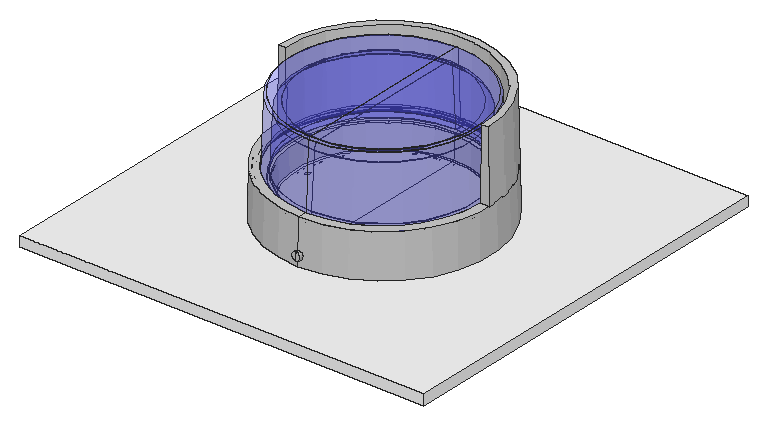
Revit family "BE_33508_de_DE", category Leuchten, Revit 2015
Parameters (values of type "BEGA_33508_Silber_K4")
  built-in parameter 1150104 = 9.2903 (stored number, unit not read)
  Wattage = 8.4 W
  Default Elevation = 0 mm
  built-in parameter 1150113 = 1 (stored number, unit not read)
  built-in parameter 1114218 = 1 (stored number, unit not read)
  Umgebungstemperatur = ""
  URL = "http://www.bega.de/produkt/33508"
  Typenkommentare = "© 2015 BEGA. Wir behalten uns das Recht vor, technische Änderungen ohne vorherige Ankündigung vorzunehmen."  # constant formula
  Type Image = 33508.png
  built-in parameter 1150134 = 12
  built-in parameter 1150109 = 1 (stored number, unit not read)
  Strom = ""
  built-in parameter 1150110 = 1 (stored number, unit not read)
  Spannung = 0 V
  Sonderanfertigung = no
  Seriennummer [instance] = "Hier können Sie die eindeutige Seriennummer für das Facility Management eintragen."
  Schutzklasse = "I"
  Schutzart = "IP 65"
  Scheinlast = 0 VA
  Produktdatenblatt = "http://www.bega.de/download/datenblaetter/de/33508.pdf"
  Oberflächentemperatur = ""
  Neigungswinkel = 0.00°
  Modell = "33508AK4"
  Material_11 = BEGA_Glas_opal
  Material_06 = BEGA_Oberfläche_Edelstahl_gebürstet
  Material_02 = BEGA_Oberfläche_Silber_matt
  Material_01 [instance] = BEGA_Oberfläche_Grafit_matt
  M_W = no
  M_G = no
  M_A = yes
  Logo = 0
  built-in parameter 1114217 = 1 (stored number, unit not read)
  built-in parameter 1150139 = (empty or 0)
  built-in parameter 1150105 = 193.94 (stored number, unit not read)
  built-in parameter 1150114 = 1 (stored number, unit not read)
  Lumens = 840 lm
  built-in parameter 1150115 = 1 (stored number, unit not read)
  Leuchtenlichtstrom = "395 lm"
  Leuchtenanzahl = ""
  Lebensdauerkriterien = "L70 = 50.000 h"
  Lastklassifizierung = Beleuchtung
  built-in parameter 1150112 = 1 (stored number, unit not read)
  Lampenlichtstrom = "840 lm"
  Lampe = "LED 8.4 W"
  LED_Modulbezeichnung = "LED-0338/840"
  built-in parameter 1150142 = (empty or 0)
  Hersteller = "BEGA"  # constant formula
  Halbstreuwinkel = ""
  Gewicht = "2.6 kg"
  Gebrauchslageneinschränkung [instance] = ""
  Frequenz = "0/50-60 Hz"
  Farbwiedergabeindex = "Ra > 80"
  Farbtemperaturverschiebung bei Dämpfen der Lampe = <Keine Auswahl>
  Farbtemperatur = "4000 K"
  Color Filter = 16777215
  built-in parameter 1150133 = 10 (stored number, unit not read)
  Energieeffizienzklasse = "LED A++ - A"
  built-in parameter 1150137 = (empty or 0)
  built-in parameter 1150132 = (empty or 0)
  ENEC = ""
  Datei für fotometrisches Netz = "BE_33508K4.IES"
  CE_Konformität = "ja"
  Bestellnummer = "33508AK4"
  Beschreibung_Sonderanfertigung = "Hier können Sie Informationen zur Sonderanfertigung eintragen."
  Beschreibung = "Decken- und Wandleuchte"
  built-in parameter 1150106 = 1.9394 (stored number, unit not read)
  Befestigungsbohrung = "Ø 4,5 mm"
  Befestigungsabstand = "150 mm"
  Ballwurfsicher = ""
  BEGA_Intern_aus = yes
  BEGA_Intern_an = yes
  BEGA_Intern_Konstruktion = yes
  BEGA_Intern = yes
  BEGA_IES3 = yes
  BEGA_IES2 = yes
  BEGA_IES1 = yes
  BEGA_IES = yes
  BEGA_Dummy = no
  Anschlussleitung = ""
  Anschlussleistung [instance] = "10.8 W"
  built-in parameter 1150107 = 4000 (stored number, unit not read)
  built-in parameter 1150102 = (empty or 0)
  built-in parameter 1150138 = (empty or 0)
  Aktualisierung = "2016-02-01T04:09:17"
  AC/DC = "AC/DC"
Types (5, lengths in mm): name | built-in parameter 1150104 | built-in parameter 1150134 | Modell | M_G | M_A | built-in parameter 1150105 | Lumens | Leuchtenlichtstrom | Lampenlichtstrom | LED_Modulbezeichnung | Farbtemperatur | Datei für fotometrisches Netz | Bestellnummer | built-in parameter 1150106 | built-in parameter 1150107
  (no name) | 9.2903 (stored number, unit not read) | 12 | "33508AK4" | no | yes | 193.94 (stored number, unit not read) | 840 lm | "395 lm" | "840 lm" | "LED-0338/840" | "4000 K" | "BE_33508K4.IES" | "33508AK4" | 1.9394 (stored number, unit not read) | 4000 (stored number, unit not read)
  BEGA_33508_Grafit_K4 | 9.2903 (stored number, unit not read) | 12 | "33508K4" | yes | no | 193.94 (stored number, unit not read) | 840 lm | "395 lm" | "840 lm" | "LED-0338/840" | "4000 K" | "BE_33508K4.IES" | "33508K4" | 1.9394 (stored number, unit not read) | 4000 (stored number, unit not read)
  BEGA_33508_Grafit_K3 | 9.124 (stored number, unit not read) | (empty or 0) | "33508" | yes | no | 190.51 (stored number, unit not read) | 824.964 lm | "388 lm" | "825 lm" | "LED-0338/830 " | "3000 K" | "BE_33508.IES" | "33508" | 1.9051 (stored number, unit not read) | 3000 (stored number, unit not read)
  BEGA_33508_Silber_K3 | 9.124 (stored number, unit not read) | (empty or 0) | "33508A" | no | yes | 190.51 (stored number, unit not read) | 824.964 lm | "388 lm" | "825 lm" | "LED-0338/830 " | "3000 K" | "BE_33508.IES" | "33508A" | 1.9051 (stored number, unit not read) | 3000 (stored number, unit not read)
  BEGA_33508_Silber_K4 | 9.2903 (stored number, unit not read) | 12 | "33508AK4" | no | yes | 193.94 (stored number, unit not read) | 840 lm | "395 lm" | "840 lm" | "LED-0338/840" | "4000 K" | "BE_33508K4.IES" | "33508AK4" | 1.9394 (stored number, unit not read) | 4000 (stored number, unit not read)
Reference planes
  plane 1 "Mitte (Vorne/Hinten)": y = 0
  plane 2: z = 0
  plane 3 "Mitte (Links/Rechts)": x = 0
  plane 4 "Links": x = -105.76
  plane 5 "Rechts": x = 105.76
  plane 6 "Unten": y = -105.759
  plane 7 "Oben": y = 105.759
  plane 8 "Vorne": z = 115.05
Forms (mm)
  Extrusion 1, solid, material "BEGA_Platte_Weiss"
    sketch origin (0, -1119.2, 0) x (1, 0, 0) y (0, 1, 0)
      loop
        line (-200, 1319.2) -> (-200, 919.2) -> (200, 919.2) -> (200, 1319.2) -> (-200, 1319.2)
    from 0 to -10
  Extrusion 2, solid, material "BEGA_Dummy_matt", visible <- "BEGA_Dummy"
    sketch origin (77.149, -76.023, 0) x (1, 0, 0) y (0, 1, 0)
      loop
        circle (-77.149, 76.023) r 105.76
    from 0 to 115.05
Dimensions and locks
  plane 1 "Mitte (Vorne/Hinten)" to Extrusion 1 = 200 mm
  aligned and locked: plane 2 to Extrusion 1
  aligned and locked: level to Extrusion 1
Nested families
  nested 1: "BE_33508" at (0, 0, 0) x (0, -1, 0) z (0, 0, 1), type "BE_33508"
Connectors
  electrical at (0, 0, 0), driven by "Lastklassifizierung", driven by "Spannung", driven by "Scheinlast"
    settings: index 1, voltage 0 V, apparent load 0 VA, apparent load phase1 0 VA, apparent load phase2 0 VA, apparent load phase3 0 VA, power factor 1, load classification "Beleuchtung", number of poles 1, system type 31, power factor state 1, is connector primary yes, connector utility no, sub classification motor no, connector description ""
Definition of nested family "BE_33508"
  Parameters (values of type "BE_33508")
    Default Elevation = 1 mm
    URL = "http://www.bega.de/de/produkt"
    Type Comments = "© 2015 BEGA. Wir behalten uns das Recht vor, technische Änderungen ohne vorherige Ankündigung vorzunehmen. "  # constant formula
    Type Image = (empty or 0)
    Material_17 = none
    Material_15 = none
    Material_11 = none
    Material_09 = none
    Material_06 = none
    Material_03 = none
    Material_02 = none
    Material_01 = none
    M_W = yes
    M_G = yes
    M_A = yes
    Länge_Platte = 200 mm  # constant formula
    Höhe_Platte = -10 mm  # constant formula
    Manufacturer = "BEGA"  # constant formula
    Breite_Platte = 200 mm  # constant formula
  Reference planes
    plane 1 "Mitte (Oben/Unten)": y = 0
    plane 2: z = 0
    plane 3 "Mitte (Links/Rechts)": x = 0
    plane 4 "Vorne": z = 115.05
    plane 5 "Hinten": z = 0
    plane 6 "Links": x = -105.759
    plane 7 "Rechts": x = 105.759
    plane 8 "Unten": y = -105.76
    plane 9: y = 105.76
  Forms (mm)
    Extrusion 1, solid, detail levels medium
      sketch origin (0, 0, 0) x (1, 0, 0) y (0, 1, 0)
        loop
          line (-100, 100) -> (-100, -100) -> (100, -100) -> (100, 100) -> (-100, 100)
      from 0 to -10 <- "Höhe_Platte"
    Revolve 2, solid, material <- "Material_01", visible <- "M_G", detail levels medium+fine
      sketch origin (0, 0, 0) x (1, 0, 0) y (0, 0, 1)
        loop
          line (-101.9, 33) -> (-101.787, 29.767) -> (-89.994, 29.772) -> (-89.214, 0) -> (-86.5, 0) -> (-86.316, 7.026)
          arc (-86.316, 7.026) -> (-86.014, 7.716) -> (-85.316, 8) r 1
          line (-85.316, 8) -> (0, 8) -> (0, 10.7) -> (-85.526, 10.7)
          arc (-85.526, 10.7) -> (-86.224, 10.984) -> (-86.526, 11.674) r 1
          line (-86.526, 11.674) -> (-87.11, 34) -> (-90.5, 34) -> (-90.57, 36) -> (-101.795, 36) -> (-101.9, 33)
        axis (0, 0) -> (0, 36)
      angle from 0 to 360
    Revolve 3, solid, material <- "Material_11", detail levels medium+fine
      sketch origin (0, 0, 0) x (1, 0, 0) y (0, 0, 1)
        loop
          arc (99.5, 41.8) -> (99.354, 42.154) -> (99, 42.3) r 0.5
          line (99, 42.3) -> (95.966, 42.3)
          arc (95.966, 42.3) -> (95.271, 42.581) -> (94.966, 43.266) r 1
          line (94.966, 43.266) -> (92.708, 107.935) -> (90.843, 109.8) -> (0, 109.8) -> (0, 101.8) -> (78.744, 101.8)
          arc (78.744, 101.8) -> (83.559, 99.876) -> (85.729, 95.166) r 7
          line (85.729, 95.166) -> (88.5, 42.3) -> (88.5, 37.3) -> (99, 37.3)
          arc (99, 37.3) -> (99.354, 37.446) -> (99.5, 37.8) r 0.5
          line (99.5, 37.8) -> (99.5, 41.8)
        axis (0, 109.8) -> (0, 37.3)
      angle from 0 to 360
    Revolve 4, solid, material <- "Material_01", visible <- "M_G", detail levels medium+fine
      sketch origin (0, 0, 0) x (1, 0, 0) y (0, 0, 1)
        loop
          line (-105, 45.05) -> (-105.759, 1.55) -> (-103.214, 1.55) -> (-102.49, 43.05) -> (-95.965, 43.05) -> (-96, 45.05) -> (-105, 45.05)
        axis (0, 1.55) -> (0, 45.05)
      angle from 0 to 360
    Revolve 5, solid, material <- "Material_01", visible <- "M_G", detail levels medium+fine
      sketch origin (0, 0, 0) x (0, 1, 0) y (0, 0, 1)
        loop
          line (103.778, 115.05) -> (97.222, 115.05) -> (96, 45.05) -> (105, 45.05) -> (103.778, 115.05)
        axis (0, 45.05) -> (0, 115.05)
      angle from 0 to 180
    Revolve 6, solid, material <- "Material_06", detail levels fine
      sketch origin (0, 0, 0) x (1, 0, 0) y (0, 0, 1)
        loop
          line (91.5, 14.55) -> (89.5, 12.55) -> (89.5, 11.55) -> (108.3, 11.55) -> (108.3, 15.55) -> (105.696, 15.55) -> (105.696, 14.55) -> (91.5, 14.55)
        axis (89.5, 11.55) -> (108.3, 11.55)
      angle from 0 to 360
    Revolve 7, solid, material <- "Material_02", visible <- "M_A", detail levels medium+fine
      sketch origin (0, 0, 0) x (1, 0, 0) y (0, 0, 1)
        loop
          line (-101.9, 33) -> (-101.787, 29.767) -> (-89.994, 29.772) -> (-89.214, 0) -> (-86.5, 0) -> (-86.316, 7.026)
          arc (-86.316, 7.026) -> (-86.014, 7.716) -> (-85.316, 8) r 1
          line (-85.316, 8) -> (0, 8) -> (0, 10.7) -> (-85.526, 10.7)
          arc (-85.526, 10.7) -> (-86.224, 10.984) -> (-86.526, 11.674) r 1
          line (-86.526, 11.674) -> (-87.11, 34) -> (-90.5, 34) -> (-90.57, 36) -> (-101.795, 36) -> (-101.9, 33)
        axis (0, 0) -> (0, 36)
      angle from 0 to 360
    Revolve 8, solid, material <- "Material_02", visible <- "M_A", detail levels medium+fine
      sketch origin (0, 0, 0) x (1, 0, 0) y (0, 0, 1)
        loop
          line (-105, 45.05) -> (-105.759, 1.55) -> (-103.214, 1.55) -> (-102.49, 43.05) -> (-95.965, 43.05) -> (-96, 45.05) -> (-105, 45.05)
        axis (0, 1.55) -> (0, 45.05)
      angle from 0 to 360
    Revolve 9, solid, material <- "Material_02", visible <- "M_A", detail levels medium+fine
      sketch origin (0, 0, 0) x (0, 1, 0) y (0, 0, 1)
        loop
          line (103.778, 115.05) -> (97.222, 115.05) -> (96, 45.05) -> (105, 45.05) -> (103.778, 115.05)
        axis (0, 45.05) -> (0, 115.05)
      angle from 0 to 180
    Extrusion 10, void
      sketch origin (0, 0, 0) x (1, 0, 0) y (0, 1, 0)
        loop
          circle (0, 75) r 2.25
        loop
          circle (0, -75) r 2.25
        loop
          circle (58.595, 19.994) r 7.5
        loop
          circle (58.595, -19.994) r 7.5
      from 0 to 14.55
  Cuts and joins
    joined: Revolve 4, Revolve 5
    joined: Revolve 8, Revolve 9
    Extrusion 10 cuts Revolve 2
    Extrusion 10 cuts Revolve 3
    Extrusion 10 cuts Revolve 7
  Dimensions and locks
    equal spacing: Extrusion 1 sketch curve, plane 3 "Mitte (Links/Rechts)", Extrusion 1 sketch curve
    equal spacing: Extrusion 1 sketch curve, plane 1 "Mitte (Oben/Unten)", Extrusion 1 sketch curve
    "Länge_Platte": Extrusion 1 sketch curve to Extrusion 1 sketch curve
    "Breite_Platte": Extrusion 1 sketch curve to Extrusion 1 sketch curve
    aligned and locked: plane 2 to Extrusion 1
    aligned and locked: level to Extrusion 1
  Automatic sketch dimensions
    Revolve 2 sketch curve to level = 0 mm
    Revolve 2 sketch curve to plane 3 "Mitte (Links/Rechts)" = 0 mm  (x2)
    level to Revolve 2 sketch curve = 8 mm
    Revolve 2 sketch curve to plane 3 "Mitte (Links/Rechts)" = 85.316 mm
    Revolve 2 sketch curve to Revolve 2 sketch curve = 0.21 mm
    Revolve 2 sketch curve to Revolve 2 sketch curve = 1.184 mm
    level to Revolve 2 sketch curve = 34 mm
    Revolve 2 sketch curve to Revolve 2 sketch curve = 1.584 mm
    Revolve 2 sketch curve to Revolve 2 sketch curve = 2.714 mm
    level to Revolve 2 sketch curve = 29.772 mm
    Revolve 2 sketch curve to Revolve 2 sketch curve = 2.884 mm
    Revolve 2 sketch curve to Revolve 2 sketch curve = 3.39 mm
    level to Revolve 2 sketch curve = 36 mm
    Revolve 2 sketch curve to Revolve 2 sketch curve = 0.07 mm
    Revolve 2 sketch curve to Revolve 2 sketch curve = 1 mm  (x4)
    Revolve 2 sketch curve to Revolve 2 sketch curve = 2.7 mm
    level to Revolve 2 sketch curve = 7.026 mm
    Revolve 2 sketch curve to Revolve 2 sketch curve = 0 mm  (x3)
    level to Revolve 2 sketch curve = 11.674 mm
    Revolve 2 sketch curve to Revolve 2 sketch curve = 38.656 mm
    Revolve 2 sketch curve to Revolve 2 sketch curve = 11.225 mm
    Revolve 2 sketch curve to Revolve 2 sketch curve = 0.113 mm
    level to Revolve 2 sketch curve = 33 mm
    Revolve 2 sketch curve to Revolve 2 sketch curve = 0.105 mm
    level to Revolve 2 sketch curve = 29.767 mm
    Revolve 3 sketch curve to plane 3 "Mitte (Links/Rechts)" = 0 mm  (x2)
    plane 3 "Mitte (Links/Rechts)" to Revolve 3 sketch curve = 78.739 mm
    Revolve 3 sketch curve to Revolve 3 sketch curve = 0.005 mm
    Revolve 3 sketch curve to Revolve 3 sketch curve = 9.761 mm
    Revolve 3 sketch curve to Revolve 3 sketch curve = 12.099 mm
    Revolve 3 sketch curve to Revolve 3 sketch curve = 1.865 mm
    level to Revolve 3 sketch curve = 43.266 mm
    Revolve 3 sketch curve to Revolve 3 sketch curve = 6.466 mm
    Revolve 3 sketch curve to Revolve 3 sketch curve = 0.999 mm
    Revolve 3 sketch curve to Revolve 3 sketch curve = 3.034 mm  (x2)
    Revolve 3 sketch curve to Revolve 3 sketch curve = 0.5 mm
    Revolve 3 sketch curve to Revolve 3 sketch curve = 0.966 mm  (x2)
    Revolve 3 sketch curve to Revolve 3 sketch curve = 4 mm  (x2)
    Revolve 3 sketch curve to Revolve 3 sketch curve = 52.5 mm
    Revolve 3 sketch curve to Revolve 3 sketch curve = 7 mm
    Revolve 3 sketch curve to Revolve 3 sketch curve = 6.135 mm
    Revolve 3 sketch curve to Revolve 3 sketch curve = 8 mm
    Revolve 3 sketch curve to Revolve 3 sketch curve = 6.99 mm
    Revolve 3 sketch curve to Revolve 3 sketch curve = 0 mm  (x2)
    Revolve 3 sketch curve to Revolve 3 sketch curve = 17.706 mm
    Revolve 4 sketch curve to plane 3 "Mitte (Links/Rechts)" = 0 mm
    level to Revolve 4 sketch curve = 3.436 mm
    Revolve 4 sketch curve to Revolve 4 sketch curve = 50 mm
    Revolve 5 sketch curve to plane 1 "Mitte (Oben/Unten)" = 0 mm
    level to Revolve 5 sketch curve = 45.05 mm
    Revolve 5 sketch curve to plane 1 "Mitte (Oben/Unten)" = 96 mm
    Revolve 5 sketch curve to Revolve 5 sketch curve = 1.222 mm
    Revolve 5 sketch curve to Revolve 5 sketch curve = 6.556 mm
    Revolve 5 sketch curve to Revolve 5 sketch curve = 9 mm
    Revolve 5 sketch curve to Revolve 5 sketch curve = 70 mm
    level to Revolve 5 sketch curve = 67.196 mm
    Revolve 5 sketch curve to Revolve 5 sketch curve = 50 mm
    Revolve 4 sketch curve to plane 3 "Mitte (Links/Rechts)" = 96 mm
    level to Revolve 4 sketch curve = 1.55 mm
    Revolve 4 sketch curve to Revolve 4 sketch curve = 0.759 mm
    Revolve 4 sketch curve to Revolve 4 sketch curve = 9.035 mm
    Revolve 4 sketch curve to Revolve 4 sketch curve = 2 mm
    Revolve 4 sketch curve to Revolve 4 sketch curve = 6.524 mm
    Revolve 4 sketch curve to Revolve 4 sketch curve = 9 mm
    Revolve 4 sketch curve to Revolve 4 sketch curve = 2.545 mm
    level to Revolve 4 sketch curve = 43.05 mm
    level to Revolve 6 sketch curve = 11.55 mm
    plane 3 "Mitte (Links/Rechts)" to Revolve 6 sketch curve = 89.5 mm
    level to Revolve 6 sketch curve = 14.55 mm
    Revolve 6 sketch curve to Revolve 6 sketch curve = 2 mm
    Revolve 6 sketch curve to Revolve 6 sketch curve = 14.196 mm
    Revolve 6 sketch curve to Revolve 6 sketch curve = 2.604 mm
    Revolve 6 sketch curve to Revolve 6 sketch curve = 1 mm  (x2)
    Revolve 6 sketch curve to Revolve 6 sketch curve = 1.754 mm
    Revolve 6 sketch curve to Revolve 6 sketch curve = 0.918 mm
    Revolve 6 sketch curve to Revolve 6 sketch curve = 3 mm
    Revolve 7 sketch curve to level = 0 mm
    Revolve 7 sketch curve to plane 3 "Mitte (Links/Rechts)" = 0 mm  (x2)
    level to Revolve 7 sketch curve = 7 mm
    Revolve 7 sketch curve to plane 3 "Mitte (Links/Rechts)" = 85.316 mm
    Revolve 7 sketch curve to Revolve 7 sketch curve = 0.21 mm
    Revolve 7 sketch curve to Revolve 7 sketch curve = 1.184 mm
    level to Revolve 7 sketch curve = 34 mm
    Revolve 7 sketch curve to Revolve 7 sketch curve = 1.584 mm
    Revolve 7 sketch curve to Revolve 7 sketch curve = 2.714 mm
    level to Revolve 7 sketch curve = 29.772 mm
    Revolve 7 sketch curve to Revolve 7 sketch curve = 2.884 mm
    Revolve 7 sketch curve to Revolve 7 sketch curve = 3.39 mm
    level to Revolve 7 sketch curve = 36 mm
    Revolve 7 sketch curve to Revolve 7 sketch curve = 0.07 mm
    level to Revolve 7 sketch curve = 29.767 mm
    Revolve 7 sketch curve to Revolve 7 sketch curve = 11.793 mm
    Revolve 7 sketch curve to Revolve 7 sketch curve = 0.008 mm
    level to Revolve 7 sketch curve = 33 mm
    Revolve 7 sketch curve to Revolve 7 sketch curve = 0.105 mm
    level to Revolve 7 sketch curve = 8 mm
    Revolve 7 sketch curve to Revolve 7 sketch curve = 2.7 mm
    Revolve 7 sketch curve to Revolve 7 sketch curve = 1 mm  (x3)
    level to Revolve 7 sketch curve = 7.026 mm
    Revolve 7 sketch curve to Revolve 7 sketch curve = 0 mm  (x3)
    level to Revolve 7 sketch curve = 11.674 mm
    Revolve 7 sketch curve to Revolve 7 sketch curve = 38.656 mm
    Revolve 8 sketch curve to plane 3 "Mitte (Links/Rechts)" = 0 mm
    level to Revolve 8 sketch curve = 43.05 mm
    Revolve 8 sketch curve to plane 3 "Mitte (Links/Rechts)" = 95.965 mm
    level to Revolve 8 sketch curve = 45.05 mm
    Revolve 8 sketch curve to Revolve 8 sketch curve = 0.035 mm
    Revolve 8 sketch curve to Revolve 8 sketch curve = 6.524 mm
    level to Revolve 8 sketch curve = 1.55 mm
    Revolve 8 sketch curve to Revolve 8 sketch curve = 0.724 mm
    Revolve 8 sketch curve to Revolve 8 sketch curve = 2.51 mm
    Revolve 8 sketch curve to Revolve 8 sketch curve = 2.545 mm
    level to Revolve 8 sketch curve = 3.436 mm
    Revolve 8 sketch curve to Revolve 8 sketch curve = 50 mm
    Revolve 9 sketch curve to plane 1 "Mitte (Oben/Unten)" = 0 mm
    level to Revolve 9 sketch curve = 45.05 mm
    Revolve 9 sketch curve to plane 1 "Mitte (Oben/Unten)" = 96 mm
    Revolve 9 sketch curve to Revolve 9 sketch curve = 1.222 mm
    Revolve 9 sketch curve to Revolve 9 sketch curve = 6.556 mm
    Revolve 9 sketch curve to Revolve 9 sketch curve = 9 mm
    Revolve 9 sketch curve to Revolve 9 sketch curve = 70 mm
    level to Revolve 9 sketch curve = 67.196 mm
    Revolve 9 sketch curve to Revolve 9 sketch curve = 50 mm
    Extrusion 10 sketch curve to plane 3 "Mitte (Links/Rechts)" = 0 mm  (x2)
    plane 1 "Mitte (Oben/Unten)" to Extrusion 10 sketch curve = 19.994 mm
    plane 3 "Mitte (Links/Rechts)" to Extrusion 10 sketch curve = 58.595 mm
    Extrusion 10 sketch curve to plane 1 "Mitte (Oben/Unten)" = 19.994 mm
    Extrusion 10 sketch curve to Extrusion 10 sketch curve = 0 mm
    plane 1 "Mitte (Oben/Unten)" to Extrusion 10 sketch curve = 75 mm
    Extrusion 10 sketch curve to plane 1 "Mitte (Oben/Unten)" = 75 mm
    radius of Extrusion 10 sketch curve = 2.25 mm  (x2)
    radius of Extrusion 10 sketch curve = 7.5 mm  (x2)
